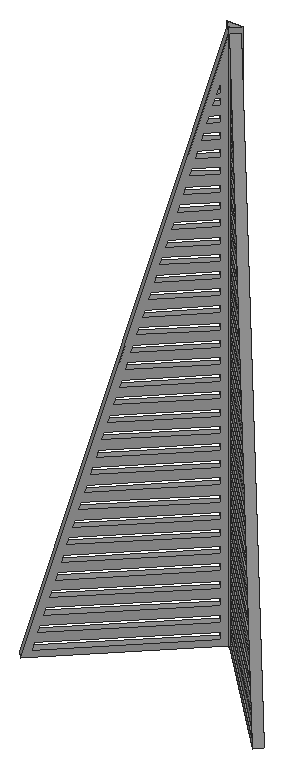
Revit family "MBS_shading panel3__up_45", category Generic Models, Revit 2014
Reference planes
  plane 1 "Center (Front/Back)": y = 0
  plane 2: z = 0
  plane 3 "Center (Left/Right)": x = 0
Dimensions and locks
  aligned and locked: level to plane 2
Nested families
  nested 1: "MBS_rounding mullion shading system3" at (100, -200, 0), type "MBS_rounding mullion shading system3"
    with rounding mullion height 2700 mm
  nested 2: "MBS_shading panel3" at (404.951, -504.951, 2675) x (0.7071, -0.7071, 0) z (-0.7071, -0.7071, 0), type "MBS_shading panel3"
    with shad panel thickness 40 mm, shad panel 1 void height 2700 mm
  nested 3: "MBS_shading panel3" at (441.63, 61.63, 2675) x (0.7071, 0.7071, 0) z (0.7071, -0.7071, 0), type "MBS_shading panel3"
    with shad panel thickness 40 mm, shad panel 1 void height 2700 mm
Definition of nested family "MBS_rounding mullion shading system3"
  Parameters (values of type "MBS_rounding mullion shading system3")
    rounding mullion mater = Steel, Galvanized rounding mull
    rounding mullion height [instance] = 2700 mm
    Default Elevation = 1219.2 mm
  Reference planes
    plane 1 "Center (Front/Back)": y = 0
    plane 2: z = 0
    plane 3 "Center (Left/Right)": x = 0
  Forms (mm)
    Extrusion 1, solid
      sketch origin (0, 0, 0) x (1, 0, 0) y (0, 1, 0)
        loop
          line (-1219.2, 1219.2) -> (-1219.2, -1219.2) -> (1219.2, -1219.2) -> (1219.2, 1219.2) -> (-1219.2, 1219.2)
      from 0 to -304.8
    Extrusion 2, solid, material "Steel, Galvanized rounding mull" <- "rounding mullion mater"
      sketch origin (0, 0, 0) x (1, 0, 0) y (0, 1, 0)
        loop
          line (0, 0) -> (40, -40) -> (80, 0) -> (0, 0)
      from 0 to 2700 <- "rounding mullion height"
  Dimensions and locks
    aligned and locked: plane 2 to Extrusion 1
    aligned and locked: level to Extrusion 1
Definition of nested family "MBS_shading panel3"
  Parameters (values of type "MBS_shading panel3")
    shading panel mater = Teak shading panel3
    shad panel thickness [instance] = 40 mm
    shad panel 1 void height [instance] = 2700 mm
    panel hole = 35 mm
    Default Elevation = 1219.2 mm
  Reference planes
    plane 1 "Center (Front/Back)": y = 0
    plane 2: z = 0
    plane 3 "Center (Left/Right)": x = 0
    plane 4: y = -281.851
    plane 5: y = -316.851
    plane 6: y = -356.851
    plane 7: y = -391.851
    plane 8: through (799.2, -206.851, 30) normal (0, -0.2841, -0.9588)
    plane 9: y = -431.851
    plane 10: y = -466.851
    plane 11: y = -506.851
    plane 12: y = -541.851
    plane 13: y = -581.851
    plane 14: y = -616.851
    plane 15: y = -661.851
    plane 16: y = -696.851
    plane 17: y = -736.851
    plane 18: y = -771.851
    plane 19: y = -811.851
    plane 20: y = -846.851
    plane 21: y = -886.851
    plane 22: y = -921.851
    plane 23: y = -961.851
    plane 24: y = -996.851
    plane 25: y = -1036.851
    plane 26: y = -1071.851
    plane 27: y = -1111.851
    plane 28: y = -1146.851
    plane 29: y = -1186.851
    plane 30: y = -1221.851
    plane 31: y = -1261.851
    plane 32: y = -1296.851
    plane 33: y = -1336.851
    plane 34: y = -1371.851
    plane 35: y = -1411.851
    plane 36: y = -1446.851
    plane 37: y = -1486.851
    plane 38: y = -1521.851
    plane 39: y = -1561.851
    plane 40: y = -1596.851
    plane 41: y = -1636.851
    plane 42: y = -1671.851
    plane 43: y = -1711.851
    plane 44: y = -1746.851
    plane 45: y = -1786.851
    plane 46: y = -1821.851
    plane 47: y = -1861.851
    plane 48: y = -1896.851
    plane 49: y = -1936.851
    plane 50: y = -1971.851
    plane 51: y = -2011.851
    plane 52: y = -2046.851
    plane 53: y = -2086.851
    plane 54: y = -2121.851
    plane 55: y = -2161.851
    plane 56: y = -2196.851
    plane 57: y = -2236.851
    plane 58: y = -2271.851
    plane 59: y = -2311.851
    plane 60: y = -2346.851
    plane 61: y = -2386.851
    plane 62: y = -2421.851
    plane 63: y = -2496.851
    plane 64: y = -2461.851
    plane 65: y = -2536.851
    plane 66: y = -2571.851
    plane 67: y = -2611.851
    plane 68: y = -2646.851
  Forms (mm)
    Extrusion 1, solid
      sketch origin (0, 0, 0) x (1, 0, 0) y (0, 1, 0)
        loop
          line (-1219.2, 1219.2) -> (-1219.2, -1219.2) -> (1219.2, -1219.2) -> (1219.2, 1219.2) -> (-1219.2, 1219.2)
      from 0 to -304.8
    Extrusion 2, solid, material "Teak shading panel3" <- "shading panel mater"
      sketch origin (-420, -1442.49, -227.833) x (0, 0, -1) y (0, 1, 0)
        loop
          line (-227.833, 1442.49) -> (-1020.426, -1232.51) -> (-227.833, -1232.51) -> (-227.833, 1442.49)
        loop
          line (-257.833, 1235.639) -> (-275.611, 1175.639) -> (-257.833, 1175.639) -> (-257.833, 1235.639)
        loop
          line (-257.833, 1160.639) -> (-280.056, 1160.639) -> (-290.426, 1125.639) -> (-257.833, 1125.639) -> (-257.833, 1160.639)
        loop
          line (-257.833, 1085.639) -> (-302.278, 1085.639) -> (-312.648, 1050.639) -> (-257.833, 1050.639) -> (-257.833, 1085.639)
        loop
          line (-257.833, 1010.639) -> (-324.5, 1010.639) -> (-334.87, 975.639) -> (-257.833, 975.639) -> (-257.833, 1010.639)
        loop
          line (-257.833, 860.639) -> (-368.944, 860.639) -> (-379.315, 825.639) -> (-257.833, 825.639) -> (-257.833, 860.639)
        loop
          line (-257.833, 935.639) -> (-346.722, 935.639) -> (-357.093, 900.639) -> (-257.833, 900.639) -> (-257.833, 935.639)
        loop
          line (-257.833, 780.639) -> (-392.648, 780.639) -> (-403.019, 745.639) -> (-257.833, 745.639) -> (-257.833, 780.639)
        loop
          line (-257.833, 705.639) -> (-414.87, 705.639) -> (-425.241, 670.639) -> (-257.833, 670.639) -> (-257.833, 705.639)
        loop
          line (-257.833, 630.639) -> (-437.093, 630.639) -> (-447.463, 595.639) -> (-257.833, 595.639) -> (-257.833, 630.639)
        loop
          line (-257.833, 555.639) -> (-459.315, 555.639) -> (-469.685, 520.639) -> (-257.833, 520.639) -> (-257.833, 555.639)
        loop
          line (-257.833, 480.639) -> (-481.537, 480.639) -> (-491.907, 445.639) -> (-257.833, 445.639) -> (-257.833, 480.639)
        loop
          line (-257.833, 405.639) -> (-503.759, 405.639) -> (-514.13, 370.639) -> (-257.833, 370.639) -> (-257.833, 405.639)
        loop
          line (-257.833, 330.639) -> (-525.982, 330.639) -> (-536.352, 295.639) -> (-257.833, 295.639) -> (-257.833, 330.639)
        loop
          line (-257.833, 255.639) -> (-548.204, 255.639) -> (-558.574, 220.639) -> (-257.833, 220.639) -> (-257.833, 255.639)
        loop
          line (-257.833, 180.639) -> (-570.426, 180.639) -> (-580.796, 145.639) -> (-257.833, 145.639) -> (-257.833, 180.639)
        loop
          line (-257.833, 105.639) -> (-592.648, 105.639) -> (-603.019, 70.639) -> (-257.833, 70.639) -> (-257.833, 105.639)
        loop
          line (-257.833, 30.639) -> (-614.87, 30.639) -> (-625.241, -4.361) -> (-257.833, -4.361) -> (-257.833, 30.639)
        loop
          line (-257.833, -44.361) -> (-637.093, -44.361) -> (-647.463, -79.361) -> (-257.833, -79.361) -> (-257.833, -44.361)
        loop
          line (-257.833, -119.361) -> (-659.315, -119.361) -> (-669.685, -154.361) -> (-257.833, -154.361) -> (-257.833, -119.361)
        loop
          line (-257.833, -194.361) -> (-681.537, -194.361) -> (-691.907, -229.361) -> (-257.833, -229.361) -> (-257.833, -194.361)
        loop
          line (-257.833, -269.361) -> (-703.759, -269.361) -> (-714.13, -304.361) -> (-257.833, -304.361) -> (-257.833, -269.361)
        loop
          line (-257.833, -344.361) -> (-725.982, -344.361) -> (-736.352, -379.361) -> (-257.833, -379.361) -> (-257.833, -344.361)
        loop
          line (-257.833, -419.361) -> (-748.204, -419.361) -> (-758.574, -454.361) -> (-257.833, -454.361) -> (-257.833, -419.361)
        loop
          line (-257.833, -494.361) -> (-770.426, -494.361) -> (-780.796, -529.361) -> (-257.833, -529.361) -> (-257.833, -494.361)
        loop
          line (-257.833, -569.361) -> (-792.648, -569.361) -> (-803.019, -604.361) -> (-257.833, -604.361) -> (-257.833, -569.361)
        loop
          line (-257.833, -644.361) -> (-814.87, -644.361) -> (-825.241, -679.361) -> (-257.833, -679.361) -> (-257.833, -644.361)
        loop
          line (-257.833, -719.361) -> (-837.093, -719.361) -> (-847.463, -754.361) -> (-257.833, -754.361) -> (-257.833, -719.361)
        loop
          line (-257.833, -794.361) -> (-859.315, -794.361) -> (-869.685, -829.361) -> (-257.833, -829.361) -> (-257.833, -794.361)
        loop
          line (-257.833, -869.361) -> (-881.537, -869.361) -> (-891.907, -904.361) -> (-257.833, -904.361) -> (-257.833, -869.361)
        loop
          line (-257.833, -944.361) -> (-903.759, -944.361) -> (-914.13, -979.361) -> (-257.833, -979.361) -> (-257.833, -944.361)
        loop
          line (-257.833, -1019.361) -> (-925.982, -1019.361) -> (-936.352, -1054.361) -> (-257.833, -1054.361) -> (-257.833, -1019.361)
        loop
          line (-257.833, -1094.361) -> (-948.204, -1094.361) -> (-958.574, -1129.361) -> (-257.833, -1129.361) -> (-257.833, -1094.361)
        loop
          line (-257.833, -1169.361) -> (-970.426, -1169.361) -> (-980.796, -1204.361) -> (-257.833, -1204.361) -> (-257.833, -1169.361)
      from 0 to 40 <- "shad panel thickness"
  Dimensions and locks
    "panel hole": plane 4 to plane 5
    "panel hole": plane 6 to plane 7
    "panel hole": plane 9 to plane 10
    "panel hole": plane 11 to plane 12
    "panel hole": plane 13 to plane 14
    "panel hole": plane 15 to plane 16
    "panel hole": plane 17 to plane 18
    "panel hole": plane 19 to plane 20
    "panel hole": plane 21 to plane 22
    "panel hole": plane 23 to plane 24
    "panel hole": plane 25 to plane 26
    "panel hole": plane 27 to plane 28
    "panel hole": plane 29 to plane 30
    "panel hole": plane 31 to plane 32
    "panel hole": plane 33 to plane 34
    "panel hole": plane 35 to plane 36
    "panel hole": plane 37 to plane 38
    "panel hole": plane 39 to plane 40
    "panel hole": plane 41 to plane 42
    "panel hole": plane 43 to plane 44
    "panel hole": plane 45 to plane 46
    "panel hole": plane 47 to plane 48
    "panel hole": plane 49 to plane 50
    "panel hole": plane 51 to plane 52
    "panel hole": plane 53 to plane 54
    "panel hole": plane 55 to plane 56
    "panel hole": plane 57 to plane 58
    "panel hole": plane 59 to plane 60
    "panel hole": plane 61 to plane 62
    "panel hole": plane 64 to plane 63
    "panel hole": plane 65 to plane 66
    "panel hole": plane 67 to plane 68
    aligned and locked: plane 2 to Extrusion 1
    aligned and locked: level to Extrusion 1
    aligned and locked: plane 4 to Extrusion 2 sketch curve
    aligned and locked: plane 5 to Extrusion 2 sketch curve
    aligned and locked: plane 6 to Extrusion 2 sketch curve
    aligned and locked: plane 7 to Extrusion 2 sketch curve
    aligned and locked: plane 8 to Extrusion 2 sketch curve  (x33)
    aligned and locked: plane 9 to Extrusion 2 sketch curve
    aligned and locked: plane 10 to Extrusion 2 sketch curve
    aligned and locked: plane 11 to Extrusion 2 sketch curve
    aligned and locked: plane 12 to Extrusion 2 sketch curve
    aligned and locked: plane 13 to Extrusion 2 sketch curve
    aligned and locked: plane 14 to Extrusion 2 sketch curve
    aligned and locked: plane 15 to Extrusion 2 sketch curve
    aligned and locked: plane 16 to Extrusion 2 sketch curve
    aligned and locked: plane 17 to Extrusion 2 sketch curve
    aligned and locked: plane 18 to Extrusion 2 sketch curve
    aligned and locked: plane 19 to Extrusion 2 sketch curve
    aligned and locked: plane 20 to Extrusion 2 sketch curve
    aligned and locked: plane 21 to Extrusion 2 sketch curve
    aligned and locked: plane 22 to Extrusion 2 sketch curve
    aligned and locked: plane 23 to Extrusion 2 sketch curve
    aligned and locked: plane 24 to Extrusion 2 sketch curve
    aligned and locked: plane 25 to Extrusion 2 sketch curve
    aligned and locked: plane 26 to Extrusion 2 sketch curve
    aligned and locked: plane 27 to Extrusion 2 sketch curve
    aligned and locked: plane 28 to Extrusion 2 sketch curve
    aligned and locked: plane 29 to Extrusion 2 sketch curve
    aligned and locked: plane 30 to Extrusion 2 sketch curve
    aligned and locked: plane 31 to Extrusion 2 sketch curve
    aligned and locked: plane 32 to Extrusion 2 sketch curve
    aligned and locked: plane 33 to Extrusion 2 sketch curve
    aligned and locked: plane 34 to Extrusion 2 sketch curve
    aligned and locked: plane 35 to Extrusion 2 sketch curve
    aligned and locked: plane 36 to Extrusion 2 sketch curve
    aligned and locked: plane 37 to Extrusion 2 sketch curve
    aligned and locked: plane 38 to Extrusion 2 sketch curve
    aligned and locked: plane 39 to Extrusion 2 sketch curve
    aligned and locked: plane 40 to Extrusion 2 sketch curve
    aligned and locked: plane 41 to Extrusion 2 sketch curve
    aligned and locked: plane 42 to Extrusion 2 sketch curve
    aligned and locked: plane 43 to Extrusion 2 sketch curve
    aligned and locked: plane 44 to Extrusion 2 sketch curve
    aligned and locked: plane 45 to Extrusion 2 sketch curve
    aligned and locked: plane 46 to Extrusion 2 sketch curve
    aligned and locked: plane 47 to Extrusion 2 sketch curve
    aligned and locked: plane 48 to Extrusion 2 sketch curve
    aligned and locked: plane 49 to Extrusion 2 sketch curve
    aligned and locked: plane 50 to Extrusion 2 sketch curve
    aligned and locked: plane 51 to Extrusion 2 sketch curve
    aligned and locked: plane 52 to Extrusion 2 sketch curve
    aligned and locked: plane 53 to Extrusion 2 sketch curve
    aligned and locked: plane 54 to Extrusion 2 sketch curve
    aligned and locked: plane 55 to Extrusion 2 sketch curve
    aligned and locked: plane 56 to Extrusion 2 sketch curve
    aligned and locked: plane 57 to Extrusion 2 sketch curve
    aligned and locked: plane 58 to Extrusion 2 sketch curve
    aligned and locked: plane 59 to Extrusion 2 sketch curve
    aligned and locked: plane 60 to Extrusion 2 sketch curve
    aligned and locked: plane 61 to Extrusion 2 sketch curve
    aligned and locked: plane 62 to Extrusion 2 sketch curve
    aligned and locked: plane 63 to Extrusion 2 sketch curve
    aligned and locked: plane 64 to Extrusion 2 sketch curve
    aligned and locked: plane 65 to Extrusion 2 sketch curve
    aligned and locked: plane 66 to Extrusion 2 sketch curve
    aligned and locked: plane 67 to Extrusion 2 sketch curve
    aligned and locked: plane 68 to Extrusion 2 sketch curve
  Automatic sketch dimensions
    Extrusion 1 sketch curve to Extrusion 1 sketch curve = 2438.4 mm  (x2)
    Extrusion 2 sketch curve to level = 0 mm
    Extrusion 2 sketch curve to plane 1 "Center (Front/Back)" = 0 mm
    Extrusion 2 sketch curve to plane 68 = 28.149 mm
    Extrusion 2 sketch curve to Extrusion 2 sketch curve = 39.63 mm
    plane 4 to Extrusion 2 sketch curve = 15 mm
    level to Extrusion 2 sketch curve = 30 mm  (x32)
    Extrusion 2 sketch curve to Extrusion 2 sketch curve = 0 mm
